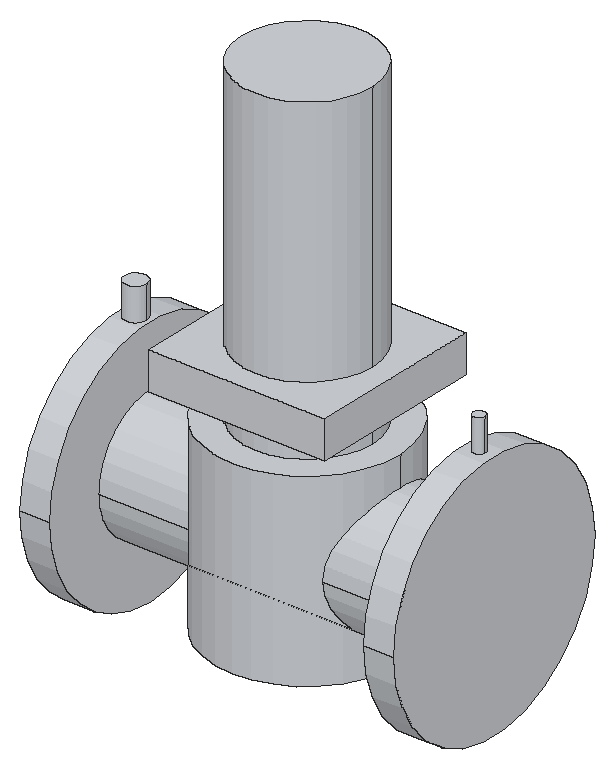
Revit family "PV_Compact_PN25_DN100_(20-100kPa)_RFA_2018", category Pipe Accessories, Revit 2018
Family settings
  Round Connector Dimension = Use Diameter
  Part Type = Valve - Breaks Into
  Work Plane-Based = No
  Always vertical = Yes
  Cut with Voids When Loaded = No
  Shared = No
Parameters (values of type "PV Compact PN25 DN100 (20-100kPa)")
  magiProductId = "7cf36ffc9d0642d6874cd3d421d477"
  magiProductFamilyId = "7c5767a2a396495b8f1e69654734b4"
  magiPartTypeId = 304
  isMeasuringValve [instance] = no
  ang2D [instance] = 0.00°
  W2D = 50 mm
  VersionID = "2.0/2018.12.13.2/FRESE_PV_COMPACT_BIG_Q13_001"
  Use Minimum Symbol Size [instance] = no
  URL = "www.hydronic.cz"
  Type Comments = "PŘÍRUBOVÝ; PN25; dpmax=1000kPa; -10~+120°C"
  R4 = 61.25 mm
  R3 = 61.1 mm
  R1 = 87.5 mm
  QmdConnectorList = "301;D;302;D"
  Productdata [instance] = ""
  Manufacturer = "Hydronic Systems Prague s.r.o."
  Maintenance Zone Under Depth [instance] = 100 mm
  Maintenance Zone Right Depth [instance] = 100 mm
  Maintenance Zone Over Depth [instance] = 100 mm
  Maintenance Zone Left Depth [instance] = 100 mm
  Maintenance Zone Front Depth [instance] = 100 mm
  Maintenance Zone Back Depth [instance] = 100 mm
  Maintenance Zone Front Visibility [instance] = no
  MC Use Limits From Balancing Method = no
  MC Throttling Minimum Value = 0
  MC Throttling Maximum Value = 0
  MC Product Code = "53-3329 DN100 PN25; nastavitelný rozsah dp=20~100kPa; Q=12,9~51,4 m3/h;  kvs=115"
  MC Pressure Drop Minimum Value = 0.0 Pa
  MC Pressure Drop Maximum Value = 0.0 Pa
  MC Piping Given Pressure Drop [instance] = 0.0 Pa
  LF__ve = -LF  # -28 mm
  LF2 = 14 mm
  LF = 28 mm
  L4 = 164.5 mm
  L3 = 294 mm
  L2D_Min = 30.48 mm
  L2D = 230 mm
  L2 = 175 mm
  H6 = 234.75 mm
  H4 = 35.25 mm
  H3 = 29.375 mm
  H2 = 88.125 mm
  H1 = 176.25 mm
  Description = "Nastavitelný regulátor tlakové diference"
  DF2 = 117.5 mm
  D = 100 mm
  Clearance Zone Height Depth [instance] = 100 mm
  Clearance Zone Circular Radius [instance] = 175 mm
  Clearance Zone Visibility [instance] = no
  CAT0 = yes
Types (7, lengths in mm): name | magiProductId | Type Comments | R4 | R3 | R1 | MC Product Code | LF__ve | LF2 | LF | L4 | L3 | L2 | H6 | H4 | H3 | H2 | H1 | DF2 | D | Clearance Zone Circular Radius
  PV Compact PN25 DN050 (20-100kPa) | "c83fbc6219d94d148ccf13b963e54b" | "PŘÍRUBOVÝ; PN25; dpmax=1000kPa; -10~+120°C" | 40.25 | 42.9 | 57.5 | "53-3320 DN050 PN25; nastavitelný rozsah dp=20~100kPa; Q=3,2~13,0 m3/h;  kvs=29" | -18.4 | 9.2 | 18.4 | 108.1 | 193.2 | 115 | 82.25 | 24.75 | 20.625 | 61.875 | 123.75 | 82.5 | 50 | 115
  PV Compact PN25 DN065 (20-100kPa) | "130d70b5f9404660882d0b277b908a" | "PŘÍRUBOVÝ; PN25; dpmax=1000kPa; -10~+120°C" | 50.75 | 48.1 | 72.5 | "53-3323 DN065 PN25; nastavitelný rozsah dp=20~100kPa; Q=4,7~18,8 m3/h;  kvs=42" | -23.2 | 11.6 | 23.2 | 136.3 | 243.6 | 145 | 105.25 | 27.75 | 23.125 | 69.375 | 138.75 | 92.5 | 65 | 145
  PV Compact PN25 DN080 (20-100kPa) | "a1826ed98cb744f2bf0249353d27a7" | "PŘÍRUBOVÝ; PN25; dpmax=1000kPa; -10~+120°C" | 54.25 | 52 | 77.5 | "53-3326 DN080 PN25; nastavitelný rozsah dp=20~100kPa; Q=7,5~30,0 m3/h;  kvs=67" | -24.8 | 12.4 | 24.8 | 145.7 | 260.4 | 155 | 141 | 30 | 25 | 75 | 150 | 100 | 80 | 155
  PV Compact PN25 DN100 (20-100kPa) | "7cf36ffc9d0642d6874cd3d421d477" | "PŘÍRUBOVÝ; PN25; dpmax=1000kPa; -10~+120°C" | 61.25 | 61.1 | 87.5 | "53-3329 DN100 PN25; nastavitelný rozsah dp=20~100kPa; Q=12,9~51,4 m3/h;  kvs=115" | -28 | 14 | 28 | 164.5 | 294 | 175 | 234.75 | 35.25 | 29.375 | 88.125 | 176.25 | 117.5 | 100 | 175
  PV Compact PN25 DN125 (20-100kPa) | "79fb1938054147a099bb761cc75d0a" | "PŘÍRUBOVÝ; PN25; dpmax=1000kPa; -10~+120°C" | 70 | 70.2 | 100 | "53-3332 DN125 PN25; nastavitelný rozsah dp=20~100kPa; Q=19,0~76,0 m3/h;  kvs=170" | -32 | 16 | 32 | 188 | 336 | 200 | 225.5 | 40.5 | 33.75 | 101.25 | 202.5 | 135 | 125 | 200
  PV Compact PN25 DN150 (20-100kPa) | "9089b5560db447c5b770287446c8b2" | "PŘÍRUBOVÝ; PN25; dpmax=1000kPa; -10~+110°C" | 84 | 74.1 | 120 | "53-3335 DN150 PN25; nastavitelný rozsah dp=20~100kPa; Q=28,0~112 m3/h;  kvs=250" | -38.4 | 19.2 | 38.4 | 225.6 | 403.2 | 240 | 256.25 | 42.75 | 35.625 | 106.875 | 213.75 | 142.5 | 150 | 240
  PV Compact PN25 DN200 (20-100kPa) | "21d4a96559b243fabb2a9fe74f4fa1" | "PŘÍRUBOVÝ; PN25; dpmax=1000kPa; -10~+110°C" | 105 | 98.8 | 150 | "53-3338 DN200 PN25; nastavitelný rozsah dp=20~100kPa; Q=30,7~123 m3/h;  kvs=275" | -48 | 24 | 48 | 282 | 504 | 300 | 150 | 57 | 47.5 | 142.5 | 285 | 190 | 200 | 300
Reference planes
  plane 1 "Center (Front/Back)": y = 0
  plane 2 "XYPLANE": z = 0
  plane 3 "Center (Left/Right)": x = 0
  plane 4 "257": y = -117.5
  plane 5 "256": y = 117.5
  plane 6 "255": z = -117.5
  plane 7 "254": y = -217.5
  plane 8 "253": y = 217.5
  plane 9 "252": x = -275
  plane 10 "251": x = 275
  plane 11 "250": z = 487.5
  plane 12 "249": z = -217.5
  plane 13 "248": z = 487.5
  plane 14 "247": z = 387.5
  plane 15 "157": x = 161
  plane 16 "156": x = -161
  plane 17 "155": z = 117.5
  plane 18 "154": z = 152.75
  plane 19 "153": z = 117.5
  plane 20 "152": z = 88.125
  plane 21 "151": x = -147
  plane 22 "150": z = -88.125
  plane 23 "149": x = 0
  plane 24 "148": y = 0
  plane 25 "147": z = 0
  plane 26 "146": x = -175
  plane 27 "145": x = 175
Forms (mm)
  Blend 1, solid, visible <- "Maintenance Zone Front Visibility"
    base sketch origin (-750, 0, -217.5) x (1, 0, 0) y (0, 1, 0)
      loop
        line (475, 217.5) -> (475, -217.5) -> (1025, -217.5) -> (1025, 217.5) -> (475, 217.5)
    top sketch origin (-750, 0, -217.5) x (1, 0, 0) y (0, 1, 0)
      loop
        line (475, 217.5) -> (475, -217.5) -> (1025, -217.5) -> (1025, 217.5) -> (475, 217.5)
    from 0 to 705
  Blend 2, solid, visible <- "Clearance Zone Visibility"
    base sketch origin (-750, 0, 0) x (1, 0, 0) y (0, 1, 0)
      loop
        circle (750, 0) r 175
    top sketch origin (-750, 0, 0) x (1, 0, 0) y (0, 1, 0)
      loop
        circle (750, 0) r 175
    from 0 to 487.5
  Extrusion 3, solid, visible <- "CAT0"
    sketch origin (-750, 0, 117.5) x (1, 0, 0) y (0, 1, 0)
      loop
        circle (911, 0) r 5.5
    from 0 to 30
  Extrusion 4, solid, visible <- "CAT0"
    sketch origin (-750, 0, 117.5) x (1, 0, 0) y (0, 1, 0)
      loop
        circle (589, 0) r 10.3
    from 0 to 30
  Extrusion 5, solid
    sketch origin (-750, 0, 152.75) x (1, 0, 0) y (0, 1, 0)
      loop
        circle (750, 0) r 61.25
    from 0 to 234.75 <- "H6"
  Extrusion 6, solid, visible <- "CAT0"
    sketch origin (-750, 0, 117.5) x (1, 0, 0) y (0, 1, 0)
      loop
        line (832.25, 82.25) -> (667.75, 82.25) -> (667.75, -82.25) -> (832.25, -82.25) -> (832.25, 82.25)
    from 0 to 35.25 <- "H4"
  Extrusion 7, solid, visible <- "CAT0"
    sketch origin (-750, 0, 88.125) x (1, 0, 0) y (0, 1, 0)
      loop
        circle (750, 0) r 61.25
    from 0 to 29.375 <- "H3"
  Extrusion 8, solid, visible <- "CAT0"
    sketch origin (-147, -750, 0) x (0, 1, 0) y (0, 0, 1)
      loop
        circle (750, 0) r 61.1
    from 0 to 294 <- "L3"
  Extrusion 9, solid, visible <- "CAT0"
    sketch origin (-750, 0, -88.125) x (1, 0, 0) y (0, 1, 0)
      loop
        circle (750, 0) r 87.5
    from 0 to 176.25 <- "H1"
  Extrusion 10, solid, visible <- "CAT0"
    sketch origin (-175, -750, 0) x (0, 1, 0) y (0, 0, 1)
      loop
        circle (750, 0) r 117.5
    from 0 to 28 <- "LF"
  Extrusion 11, solid, visible <- "CAT0"
    sketch origin (175, -750, 0) x (0, 1, 0) y (0, 0, 1)
      loop
        circle (750, 0) r 117.5
    from 0 to -28 <- "LF__ve"
  Extrusion 12, solid, not visible
    sketch origin (-175, -750, 0) x (0, 1, 0) y (0, 0, 1)
      loop
        circle (750, 0) r 10
    from 0 to 10
  Extrusion 13, solid, not visible
    sketch origin (175, -750, 0) x (0, 1, 0) y (0, 0, 1)
      loop
        circle (750, 0) r 10
    from 0 to -10
Lines and regions (mm)
  reference lines, not visible
    curve 1: circle (2, 2, 0) r 1 normal (0, 0, 1)
  reference lines
    curve 2: circle (0, 0, 117.5) r 1 normal (0, 0, 1)
Dimensions and locks
  plane 1 "Center (Front/Back)" to curve 1 = 2 mm
  "DF2": plane 24 "148" to plane 4 "257"
  "DF2": plane 24 "148" to plane 5 "256"
  "DF2": plane 25 "147" to plane 6 "255"
  "Maintenance Zone Front Depth": plane 4 "257" to plane 7 "254"
  "Maintenance Zone Back Depth": plane 5 "256" to plane 8 "253"
  "Maintenance Zone Left Depth": plane 26 "146" to plane 9 "252"
  "Maintenance Zone Right Depth": plane 27 "145" to plane 10 "251"
  "Maintenance Zone Over Depth": plane 14 "247" to plane 11 "250"
  "Maintenance Zone Under Depth": plane 6 "255" to plane 12 "249"
  "Clearance Zone Height Depth": plane 14 "247" to plane 13 "248"
  "H6": plane 18 "154" to plane 14 "247"
  "LF2": plane 27 "145" to plane 15 "157"
  "LF2": plane 26 "146" to plane 16 "156"
  "DF2": plane 2 "XYPLANE" to plane 17 "155"
  "H4": plane 19 "153" to plane 18 "154"
  "H3": plane 20 "152" to plane 19 "153"
  "H1": plane 22 "150" to plane 20 "152"
  "LF": plane 26 "146" to plane 21 "151"
  "H2": plane 2 "XYPLANE" to plane 22 "150"
  locked: plane 3 "Center (Left/Right)" to plane 23 "149"
  locked: plane 1 "Center (Front/Back)" to plane 24 "148"
  locked: plane 2 "XYPLANE" to plane 25 "147"
  "L2": plane 3 "Center (Left/Right)" to plane 26 "146"
  "L2": plane 3 "Center (Left/Right)" to plane 27 "145"
  Blend 1 sketch curve to Blend 1 sketch curve = 0 mm  (x16)
  equal spacing: Extrusion 6 sketch curve, curve 2, Extrusion 6 sketch curve  (x2)
  "L4": Extrusion 6 sketch curve to Extrusion 6 sketch curve  (x2)
  Extrusion 6 sketch curve to Extrusion 6 sketch curve = 0 mm  (x8)
  "Clearance Zone Circular Radius": radius of Blend 2 sketch curve  (x2)
  "R4": radius of Extrusion 5 sketch curve
  "R4": radius of Extrusion 7 sketch curve
  "R3": radius of Extrusion 8 sketch curve
  "R1": radius of Extrusion 9 sketch curve
  "DF2": radius of Extrusion 10 sketch curve
  "DF2": radius of Extrusion 11 sketch curve
  aligned and locked: level to plane 2 "XYPLANE"
  aligned and locked: Blend 1 sketch curve to plane 8 "253"  (x2)
  aligned and locked: plane 9 "252" to Blend 1 sketch curve  (x4)
  aligned and locked: plane 10 "251" to Blend 1 sketch curve  (x4)
  aligned and locked: plane 8 "253" to Blend 1 sketch curve  (x2)
  aligned and locked: plane 7 "254" to Blend 1 sketch curve  (x4)
  aligned and locked: plane 11 "250" to Blend 1
  aligned and locked: plane 23 "149" to Blend 2 sketch curve  (x2)
  aligned and locked: plane 24 "148" to Blend 2 sketch curve  (x2)
  aligned and locked: plane 13 "248" to Blend 2
  aligned and locked: plane 15 "157" to Extrusion 3 sketch curve
  aligned and locked: plane 24 "148" to Extrusion 3 sketch curve
  aligned and locked: plane 16 "156" to Extrusion 4 sketch curve
  aligned and locked: plane 24 "148" to Extrusion 4 sketch curve
  aligned and locked: plane 23 "149" to Extrusion 5 sketch curve
  aligned and locked: plane 24 "148" to Extrusion 5 sketch curve
  aligned and locked: plane 23 "149" to curve 2
  aligned and locked: plane 24 "148" to curve 2
  aligned and locked: plane 23 "149" to Extrusion 7 sketch curve
  aligned and locked: plane 24 "148" to Extrusion 7 sketch curve
  aligned and locked: Extrusion 8 sketch curve to plane 24 "148"
  aligned and locked: plane 25 "147" to Extrusion 8 sketch curve
  aligned and locked: plane 23 "149" to Extrusion 9 sketch curve
  aligned and locked: plane 24 "148" to Extrusion 9 sketch curve
  aligned and locked: Extrusion 10 sketch curve to plane 24 "148"
  aligned and locked: plane 25 "147" to Extrusion 10 sketch curve
  aligned and locked: Extrusion 11 sketch curve to plane 24 "148"
  aligned and locked: plane 25 "147" to Extrusion 11 sketch curve
  aligned and locked: Extrusion 12 sketch curve to plane 24 "148"
  aligned and locked: plane 25 "147" to Extrusion 12 sketch curve
  aligned and locked: Extrusion 13 sketch curve to plane 24 "148"
  aligned and locked: plane 25 "147" to Extrusion 13 sketch curve
Automatic sketch dimensions
  Extrusion 3 sketch curve to plane 15 "157" = 5.5 mm
  plane 26 "146" to Extrusion 4 sketch curve = 3.7 mm
  plane 1 "Center (Front/Back)" to Extrusion 12 sketch curve = 10 mm
  plane 1 "Center (Front/Back)" to Extrusion 13 sketch curve = 10 mm
  plane 3 "Center (Left/Right)" to curve 1 = 2 mm
  plane 21 "151" to Extrusion 6 sketch curve = 64.75 mm
  plane 4 "257" to Extrusion 6 sketch curve = 35.25 mm
  radius of curve 2 = 1 mm
  radius of curve 1 = 1 mm
Connectors
  piping at (-175, 0, 0), diameter 100, driven by "D"
    settings: on Extrusion 12, index 1, connector inside diameter 609.6 mm, connector length 0 mm, flow factor 0, pipe flow 0.0 L/s, pressure drop 0.0 Pa, fitting loss kfactor 0, connector angle 0.00°, fixture units 0, engagement length 0 mm, angle of deflection 0.00°, flow configuration 0, flow direction 0, fitting loss method 0, system type 29, joint type 0, gender type 0, connector reference index 2, connector utility 0, adjustable connector no, is connector primary yes, connector description ""
  piping at (175, 0, 0), diameter 100, driven by "D"
    settings: on Extrusion 13, index 2, connector inside diameter 609.6 mm, connector length 0 mm, flow factor 0, pipe flow 0.0 L/s, pressure drop 0.0 Pa, fitting loss kfactor 0, connector angle 0.00°, fixture units 0, engagement length 0 mm, angle of deflection 0.00°, flow configuration 0, flow direction 0, fitting loss method 0, system type 29, joint type 0, gender type 0, connector reference index 1, connector utility 0, adjustable connector no, is connector primary no, connector description ""
